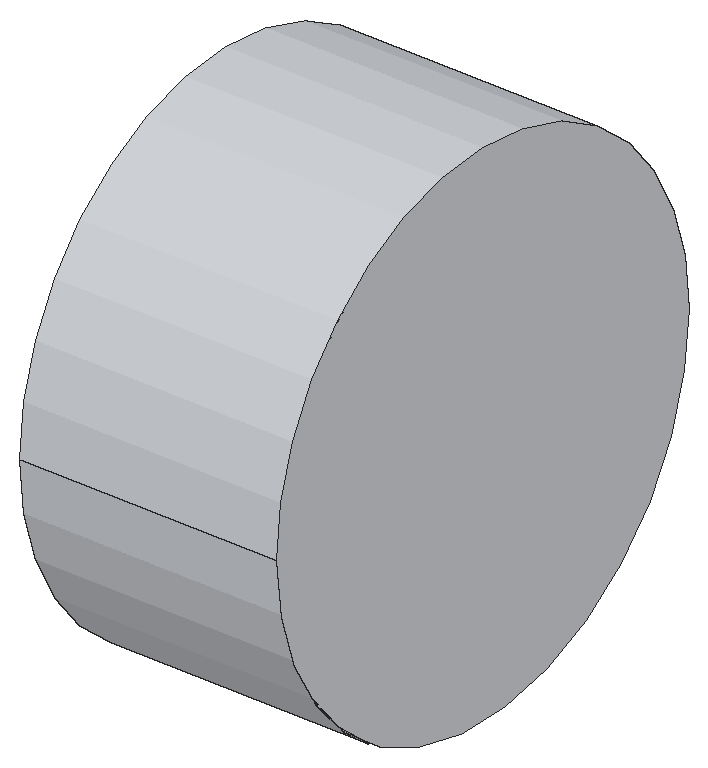
Revit family "30da33d475794204a13478ed3bd8655e", category Pipe Fittings, Revit 2021
Family settings
  Round Connector Dimension = Use Radius
  Part Type = Union
  OmniClass Number = 23.60.30.11.14
  OmniClass Title = Pipework Fittings
  Seek Item ID = Coupling - Generic-0000-USA-ENU
  Work Plane-Based = No
  Always vertical = Yes
  Cut with Voids When Loaded = No
  Shared = No
Parameters (values of type "Standard")
  Tick Size [instance] = Fitting Outside Diameter * 0.4  # 0.45"
  Nominal Radius [instance] = 1/2"
  Nominal Diameter [instance] = Nominal Radius * 2  # 1"
  Loss Method = K Coefficient from Table
  Lookup Table Name = "Pipe Fitting - Generic"
  Length [instance] = Fitting Outside Radius  # 9/16"
  K Coefficient Table = "Reducer/Coupling/Union/Increaser"
  Fitting Outside Radius [instance] = Fitting Outside Diameter / 2  # 9/16"
  Fitting Outside Diameter [instance] = size_lookup(Lookup Table Name, "FOD", Nominal Diameter + 1/8", Nominal Diameter)  # 1 1/8"
  Default Elevation = 0' - 0"
Reference planes (in)
  plane 1 "Center (Front/Back)": y = 0
  plane 2: z = 0
  plane 3 "Center (Left/Right)": x = 0
  plane 4: x = -0.28125
  plane 5: x = 0.28125
  plane 6: y = 0.45
  plane 7: y = -0.45
Forms (in)
  Extrusion 1, solid, detail levels fine
    sketch origin (0, 0, 0) x (0, 1, 0) y (0, 0, 1)
      loop
        circle (0, 0) r 0.5625
    from -0.28125 to 0.28125
Lines and regions (in)
  model lines, detail levels coarse+medium
    curve 1: line (-0.28125, 0, 0) -> (0.28125, 0, 0)
    curve 2: line (-0.28125, 0.45, 0) -> (-0.28125, -0.45, 0)
    curve 3: line (0.28125, 0.45, 0) -> (0.28125, -0.45, 0)
Dimensions and locks (in)
  equal spacing: plane 4, plane 3 "Center (Left/Right)", plane 5
  "Length": plane 4 to plane 5
  "Tick Size": plane 6 to plane 1 "Center (Front/Back)"
  "Tick Size": plane 7 to plane 1 "Center (Front/Back)"
  "Fitting Outside Radius": radius of Extrusion 1 sketch curve
  aligned and locked: plane 2 to Extrusion 1 sketch curve
  aligned and locked: plane 1 "Center (Front/Back)" to Extrusion 1 sketch curve
  aligned and locked: Extrusion 1 to plane 4
  aligned and locked: Extrusion 1 to plane 5
  aligned and locked: plane 6 to curve 2
  aligned and locked: plane 7 to curve 2
  aligned and locked: curve 2 to plane 4
  aligned and locked: plane 6 to curve 3
  aligned and locked: plane 7 to curve 3
  aligned and locked: plane 5 to curve 3
  aligned and locked: plane 4 to curve 1
  aligned and locked: plane 5 to curve 1
  aligned and locked: plane 1 "Center (Front/Back)" to curve 1
Connectors (in)
  piping at (-0.28125, 0, 0), diameter 1, driven by "Nominal Radius"
    settings: on Extrusion 1, index 1, connector inside diameter 1", connector length 0' - 0", flow factor 0, pipe flow 0 GPM, pressure drop 0.00 psi, fitting loss kfactor 0, connector angle 0.00°, fixture units 0, engagement length 0' - 0", angle of deflection 0.00°, flow configuration 0, flow direction 0, fitting loss method 0, system type 28, joint type 0, gender type 0, connector reference index 2, connector utility 0, adjustable connector no, is connector primary yes, connector description ""
  piping at (0.28125, 0, 0), diameter 1, driven by "Nominal Radius"
    settings: on Extrusion 1, index 2, connector inside diameter 1", connector length 0' - 0", flow factor 0, pipe flow 0 GPM, pressure drop 0.00 psi, fitting loss kfactor 0, connector angle 0.00°, fixture units 0, engagement length 0' - 0", angle of deflection 0.00°, flow configuration 0, flow direction 0, fitting loss method 0, system type 28, joint type 0, gender type 0, connector reference index 1, connector utility 0, adjustable connector no, is connector primary no, connector description ""
